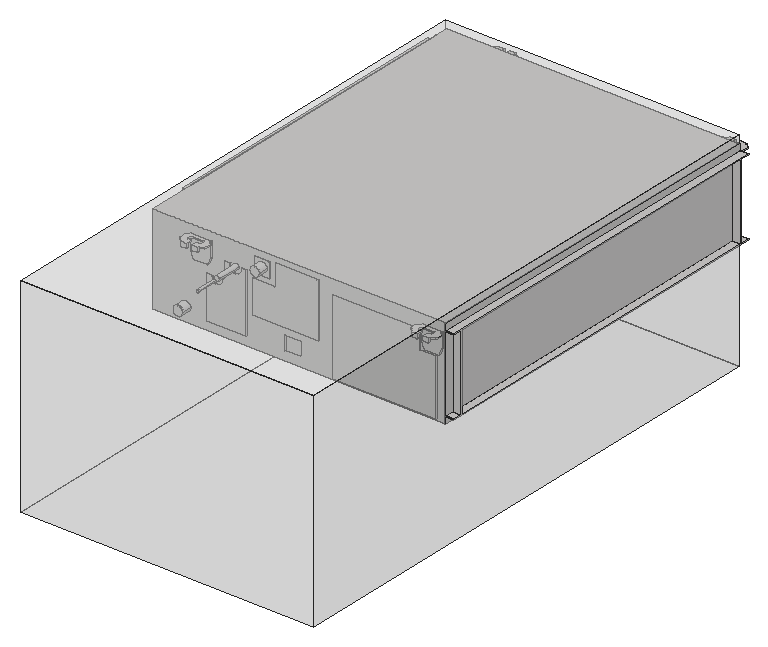
Revit family "outputfile", category 機械設備, Revit 2024
Family settings
  丸型コネクタ寸法 = 半径を使用
  パーツ タイプ = 標準
  OmniClass 番号 = 23.75.10.24.21.27.27
  OmniClass タイトル = Split System Air Conditioning Units
  作業面ベース = いいえ
  常に垂直 = はい
  ロード時にボイドで切り取り = いいえ
  注釈の向きを維持 = いいえ
  共有 = いいえ
  部屋計算ポイント = はい
Parameters (values of type "FXSA63AVM")
  製造元 = "Daikin"
  書き出し IFC クラス(タイプ) = "IfcUnitaryEquipmentType"
  定義済み IFC タイプ(タイプ) = "AIRCONDITIONINGUNIT"
  モデル = "FXSA63AVM"
  switch_frequency = yes
  r_Liquid Pipe Size = Liquid Pipe Size / 2  # 3.2 mm
  r_Gas Pipe Size = Gas Pipe Size / 2  # 6.35 mm
  r_Drain Pipe Size = Drain Pipe Size / 2  # 12.5 mm
  lw_power = 770.0 mm
  lh_SA = 138.0 mm
  lw_SA = if(Width = 550.0 mm, 225.0 mm, if(Width = 700.0 mm, 300.0 mm, if(Width = 1000.0 mm, 450.0 mm, if(Width = 1400.0 mm, 650.0 mm, 725.0 mm))))  # 450.0 mm
  lw_RA = if(Width = 550.0 mm, 275.0 mm, if(Width = 700.0 mm, 349.0 mm, if(Width = 1000.0 mm, 499.0 mm, if(Width = 1400.0 mm, 699.0 mm, 775.0 mm))))  # 499.0 mm
  lh_power = 60.0 mm + [h***]  # 60.0 mm
  lh_mountinghole1 = lh_mountinghole + [h***]  # 222.0 mm
  lh_RA = 123.0 mm
  ld_power = Width / 2  # 500.0 mm
  connector_voltage = Voltage_50Hz  # 220 V
  connector_powerinput = [Power Input (Cooling)]  # 0.106 kW
  connector_phase = Phase_50Hz  # 1
  Voltage_comment_60Hz = "220-230"
  Voltage_comment_50Hz = "220-240"
  Voltage_60Hz = 220 V
  Voltage_50Hz = 220 V
  Total Heating Capacity [instance] = 0.000 kW
  Supply Air Direction [instance] = yes
  Sound Power Level_H speed (dB) = 64
  Power Input (Heating) = 0.101 kW
  Phase_60Hz = 1
  Phase_50Hz = 1
  Nominal Heating Capacity = 8.000 kW
  Minimum External Static Pressure = 50.00 Pa
  Minimum Circuit Amps_60Hz = 1.8 A
  Minimum Circuit Amps_50Hz = 1.8 A
  Maximum Fuse Amps_60Hz = 16.0 A
  Maximum Fuse Amps_50Hz = 16.0 A
  Maximum External Static Pressure = 150.00 Pa
  Material_Casing = DAIKIN_GalvanizedSteel_Casing_indoorunit
  lw_mountinghole = 630.0 mm
  lh_gaspipe = 183.0 mm + [h***]  # 183.0 mm
  lh_mountinghole = 222.0 mm
  lh_liquidpipe = 136.0 mm + [h***]  # 136.0 mm
  lh_drainpipe = 207.0 mm + [h***]  # 207.0 mm
  lh_antena = Height - lh_mountinghole + 1.0 mm  # 24.0 mm
  ld_drainpipe = Width / 2 + 26.0 mm  # 526.0 mm
  ld_liquidpipe = 569.0 mm
  ld_gaspipe = Width / 2 + 65.0 mm  # 565.0 mm
  ld_mountinghole = Width + 38.0 mm  # 1038.0 mm
  h*** = 0.0 mm
  lw_liquidpipe = 179.0 mm
  lw_gaspipe = 229.0 mm
  lw_drainpipe = 300.0 mm
  Width = 1000.0 mm
  Version = "ver.1.0"
  Unit Type = "Duct_M.S.P."
  Unit Mass Weight = 35.00 kg
  Unit Designation [instance] = ""
  Uniclass2015Version = "Products v1.30"
  Uniclass2015Title = "Variable refrigerant flow units"
  Uniclass2015Code = "Pr_70_65_03_94"
  Total Cooling Capacity [instance] = 0.000 kW
  Sound Pressure Level_M speed (dBA) = 32
  Sound Pressure Level_L speed (dBA) = 29
  Sound Pressure Level_H speed (dBA) = 36
  Series = "VRV Fan Coil Unit"
  Sensible Cooling Capacity [instance] = 0.000 kW
  SA Duct Size Width = 792.0 mm
  SA Duct Size Height = 176.0 mm
  Refrigerant Type = "R32"
  RA Duct Size Width = 952.0 mm
  RA Duct Size Height = 208.0 mm
  Power Input (Cooling) = 0.106 kW
  Option Accessory 3 [instance] = ""
  Option Accessory 2 [instance] = ""
  Option Accessory 1 [instance] = ""
  Nominal Cooling Capacity = 7.100 kW
  Minimum Airflow = 870.00 m³/h
  Median Airflow = 1050.00 m³/h
  Maximum Airflow = 1260.00 m³/h
  Load Classification = HVAC
  Liquid Pipe Size = 6.4 mm
  Link_Nested Family [instance] = ""
  IfcVersion = ""
  IfcExportType = "AIRCONDITIONINGUNIT"
  IfcExportAs = "IfcUnitaryEquipmentType"
  Height = 245.0 mm
  Heating Entering Wet Bulb Temperature [instance] = -273.15 °C
  Heating Entering Dry Bulb Temperature [instance] = -273.15 °C
  Heating Ambient Wet Bulb Temperature [instance] = -273.15 °C
  Heating Ambient Dry Bulb Temperature [instance] = -273.15 °C
  Heat Exchanger Type = "Cross Fin Coil"
  Gas Pipe Size = 12.7 mm
  Frequency_60Hz = 60 Hz
  Frequency_50Hz = 50 Hz
  Fan Type = "Sirocco Fan"
  Fan Drive = "Direct Drive"
  FCU Tag No. [instance] = ""
  Drain Pipe Size = 25.0 mm
  Design Supply Airflow [instance] = 0.00 m³/h
  Design Return Airflow [instance] = 0.00 m³/h
  Design External Static Pressure [instance] = 0.00 Pa
  Depth = 800.0 mm
  既定の高さ = 0.0 mm
  Cooling Entering Wet Bulb Temperature [instance] = 0.00 °C
  Cooling Entering Dry Bulb Temperature [instance] = 0.00 °C
  Cooling Ambient Wet Bulb Temperature [instance] = 0.00 °C
  Cooling Ambient Dry Bulb Temperature [instance] = 0.00 °C
  Clearance visibility [instance] = yes
  Clearance Top = 20.0 mm
  Clearance Right = 0.0 mm
  Clearance Rear = 0.0 mm
  Clearance Left = 0.0 mm
  Clearance Front = 450.0 mm
  Clearance Bottom = 300.0 mm
Reference planes
  plane 1 "Center (Front/Back)": y = 0
  plane 2 "h": z = 0
  plane 3 "Center (Left/Right)": x = 0
  plane 4 "Back": y = 500
  plane 5 "Front": y = -500
  plane 6 "Left": x = -400
  plane 7 "Right": x = 400
  plane 8 "Top": z = 0
  plane 9 "Bottom": z = -245
  plane 10: y = -215
  plane 11: y = 500
  plane 12: y = -950
  plane 13: x = -400
  plane 14: x = 400
  plane 15: z = 20
  plane 16: z = -545
  plane 17: x = -400
  plane 18: x = -399
  plane 19: x = 399
  plane 20: y = 50
  plane 21: y = -1
  plane 22: z = -122
  plane 23: y = -501
  plane 24: z = -109
  plane 25: x = -221
  plane 26: y = -565
  plane 27: z = -62
  plane 28: x = -171
  plane 29: y = -526
  plane 30: z = -38
  plane 31: x = -100
  plane 32: x = -100
  plane 33: x = -221
  plane 34: x = -171
  plane 35: x = 370
  plane 36: x = -266
  plane 37: x = 364
  plane 38: y = -519
  plane 39: y = 519
  plane 40: z = -23
  plane 41: z = -107
  plane 42: y = -569
  plane 43: z = -207
  plane 44: x = -309
  plane 45: y = -376
  plane 46: x = -251
  plane 47: x = -203
  plane 48: x = -144
  plane 49: z = -59
  plane 50: z = -106
  plane 51: z = -221
  plane 52: z = -109
  plane 53: x = -221
  plane 54: z = -62
  plane 55: x = -171
  plane 56: z = -17
  plane 57: z = -59
  plane 58: x = -121
  plane 59: x = -79
  plane 60: x = -125
  plane 61: x = -64
  plane 62: x = 53
  plane 63: z = -164
  plane 64: z = -73
  plane 65: z = -16
  plane 66: x = 93.5
  plane 67: x = 374.5
  plane 68: x = 330
  plane 69: z = -88.5
  plane 70: z = -38
  plane 71: z = -242.5
  plane 72: x = -38.5
  plane 73: x = 6.5
  plane 74: z = -181
  plane 75: z = -221
  plane 76: y = -499
  plane 77: x = -424
  plane 78: x = 424
Forms (mm)
  Extrusion 1, solid, material "DAIKIN_GalvanizedSteel_Casing_indoorunit" <- "Material_Casing"
    sketch origin (0, 0, 0) x (1, 0, 0) y (0, 1, 0)
      loop
        line (-399, 500) -> (-399, -500) -> (399, -500) -> (399, 500) -> (-399, 500)
    from -245 to 0
  Extrusion 2, solid, material "DAIKIN_GalvanizedSteel_Casing_indoorunit" <- "Material_Casing"
    sketch origin (0, 0, 0) x (1, 0, 0) y (0, 0, 1)
      loop
        line (-251, -221) -> (-144, -221) -> (-144, -59) -> (-154.47, -59)
        arc (-154.47, -59) -> (-171, -78.8) -> (-187.53, -59) r 16.8
        line (-187.53, -59) -> (-203, -59) -> (-203, -106) -> (-206.916, -106)
        arc (-206.916, -106) -> (-221, -123.4) -> (-235.084, -106) r 14.4
        line (-235.084, -106) -> (-251, -106) -> (-251, -221)
    from 500 to 501
  Extrusion 3, solid, material "DAIKIN_GalvanizedSteel_Casing_indoorunit" <- "Material_Casing"
    sketch origin (0, 0, 0) x (1, 0, 0) y (0, 0, 1)
      loop
        line (-121, -17) -> (-121, -59) -> (-79, -59) -> (-79, -17) -> (-121, -17)
      loop
        line (-125, -73) -> (-125, -164) -> (53, -164) -> (53, -16) -> (-64, -16) -> (-64, -73) -> (-125, -73)
    from 500 to 501
  Extrusion 4, solid, material "DAIKIN_GalvanizedSteel_Casing_indoorunit" <- "Material_Casing"
    sketch origin (0, 0, 0) x (1, 0, 0) y (0, 0, 1)
      loop
        line (93.5, -38) -> (93.5, -242.5) -> (374.5, -242.5) -> (374.5, -88.5) -> (330, -88.5) -> (330, -38) -> (93.5, -38)
    from 500 to 501
  Extrusion 5, solid, material "DAIKIN_GalvanizedSteel_Casing_indoorunit" <- "Material_Casing"
    sketch origin (0, 0, 0) x (1, 0, 0) y (0, 0, 1)
      loop
        circle (-221, -109) r 3.2
    from 500 to 569
  Extrusion 6, solid, material "DAIKIN_GalvanizedSteel_Casing_indoorunit" <- "Material_Casing"
    sketch origin (0, 0, 0) x (1, 0, 0) y (0, 0, 1)
      loop
        circle (-171, -62) r 6.35
    from 500 to 565
  Extrusion 7, solid, material "DAIKIN_GalvanizedSteel_Casing_indoorunit" <- "Material_Casing"
    sketch origin (0, 0, 0) x (1, 0, 0) y (0, 0, 1)
      loop
        circle (-100, -38) r 12.5
    from 501 to 526
  Extrusion 8, solid, material "DAIKIN_GalvanizedSteel_Casing_indoorunit" <- "Material_Casing"
    sketch origin (0, 0, 0) x (1, 0, 0) y (0, 0, 1)
      loop
        circle (-309, -207) r 13
    from 500 to 526
  Extrusion 9, void
    sketch origin (0, 0, 0) x (1, 0, 0) y (0, 0, 1)
      loop
        line (-38.5, -181) -> (-38.5, -221) -> (6.5, -221) -> (6.5, -181) -> (-38.5, -181)
    from 499 to 500
Cuts and joins
  Extrusion 9 cuts Extrusion 1
Dimensions and locks
  "Height": plane 8 "Top" to plane 9 "Bottom"
  equal spacing: plane 4 "Back", plane 1 "Center (Front/Back)", plane 5 "Front"
  "Width": plane 4 "Back" to plane 5 "Front"
  equal spacing: plane 6 "Left", plane 3 "Center (Left/Right)", plane 7 "Right"
  "Depth": plane 6 "Left" to plane 7 "Right"
  "Clearance Left": plane 13 to plane 6 "Left"
  "Clearance Right": plane 7 "Right" to plane 14
  "Clearance Rear": plane 11 to plane 4 "Back"
  "Clearance Front": plane 5 "Front" to plane 12
  "Clearance Top": plane 15 to plane 8 "Top"
  "Clearance Bottom": plane 9 "Bottom" to plane 16
  locked: plane 17 to plane 18 at 1
  locked: plane 19 to plane 14 at 1
  "lw_SA": plane 11 to plane 20
  "lw_RA": plane 21 to plane 5 "Front"
  "lh_RA": plane 22 to plane 9 "Bottom"
  locked: plane 5 "Front" to plane 23 at 1
  "lw_liquidpipe": plane 25 to plane 6 "Left"
  "lh_liquidpipe": plane 24 to plane 9 "Bottom"
  "lh_gaspipe": plane 27 to plane 9 "Bottom"
  "lw_gaspipe": plane 28 to plane 6 "Left"
  "ld_gaspipe": plane 26 to plane 1 "Center (Front/Back)"
  "ld_drainpipe": plane 29 to plane 1 "Center (Front/Back)"
  "lh_drainpipe": plane 30 to plane 9 "Bottom"
  "lw_drainpipe": plane 31 to plane 6 "Left"
  "lw_drainpipe": plane 6 "Left" to plane 32
  "lw_liquidpipe": plane 6 "Left" to plane 33
  "lw_gaspipe": plane 6 "Left" to plane 34
  "lw_power": plane 6 "Left" to plane 35
  locked: plane 17 to plane 36 at 134
  "lw_mountinghole": plane 36 to plane 37
  equal spacing: plane 38, plane 1 "Center (Front/Back)", plane 39
  "ld_mountinghole": plane 39 to plane 38
  "lh_mountinghole": plane 40 to plane 9 "Bottom"
  "lh_SA": plane 41 to plane 9 "Bottom"
  locked: plane 44 to plane 6 "Left" at 91
  locked: plane 43 to plane 9 "Bottom" at 38
  plane 48 to plane 47 to plane 46 to plane 6 "Left" = 59.0 mm, 48.0 mm, 149.0 mm
  plane 8 "Top" to plane 49 to plane 50 to plane 51 = 59.0 mm locked, 47.0 mm locked, 115.0 mm locked
  plane 55 to plane 53 to plane 6 "Left" = 50.0 mm locked, 179.0 mm locked
  plane 54 to plane 52 to plane 9 "Bottom" = 47.0 mm locked, 136.0 mm locked
  plane 59 to plane 58 to plane 6 "Left" = 42.0 mm locked, 279.0 mm locked
  plane 8 "Top" to plane 56 to plane 57 = 17.0 mm locked, 42.0 mm locked
  plane 62 to plane 61 to plane 60 to plane 6 "Left" = 117.0 mm, 61.0 mm, 275.0 mm
  plane 8 "Top" to plane 65 to plane 64 = 16.0 mm locked, 57.0 mm locked
  locked: plane 65 to plane 63 at 148
  plane 8 "Top" to plane 70 to plane 69 to plane 71 = 38.0 mm locked, 50.5 mm locked, 154.0 mm locked
  plane 67 to plane 68 to plane 66 to plane 6 "Left" = 44.5 mm locked, 236.5 mm locked, 493.5 mm locked
  plane 8 "Top" to plane 74 to plane 75 = 181.0 mm locked, 40.0 mm locked
  plane 73 to plane 72 to plane 6 "Left" = 45.0 mm, 361.5 mm
  locked: plane 76 to plane 5 "Front" at 1
  locked: plane 77 to plane 17 at 24
  locked: plane 14 to plane 78 at 24
  "ld_liquidpipe": plane 42 to plane 1 "Center (Front/Back)"
  "r_Liquid Pipe Size": radius of Extrusion 5 sketch curve
  "r_Gas Pipe Size": radius of Extrusion 6 sketch curve
  "r_Drain Pipe Size": radius of Extrusion 7 sketch curve
  aligned and locked: level to plane 2 "h"
  aligned and locked: plane 8 "Top" to Extrusion 1
  aligned and locked: Extrusion 1 to plane 9 "Bottom"
  aligned and locked: nested 5 to plane 12
  aligned and locked: plane 13 to nested 5
  aligned and locked: plane 14 to nested 5
  aligned and locked: nested 5 to plane 13
  aligned and locked: plane 11 to nested 5
  aligned and locked: plane 15 to nested 5
  aligned and locked: plane 16 to nested 5
  aligned and locked: plane 5 "Front" to Extrusion 1 sketch curve
  aligned and locked: Extrusion 1 to plane 18
  aligned and locked: plane 19 to Extrusion 1
  aligned and locked: nested 7 to plane 18
  aligned and locked: nested 7 to plane 20
  aligned and locked: plane 19 to nested 8
  aligned and locked: plane 21 to nested 8
  aligned and locked: plane 22 to nested 8
  aligned and locked: Extrusion 2 to plane 23
  aligned and locked: plane 5 "Front" to Extrusion 2
  aligned and locked: Extrusion 3 to plane 23
  aligned and locked: plane 5 "Front" to Extrusion 3
  aligned and locked: plane 5 "Front" to Extrusion 4
  aligned and locked: Extrusion 5 sketch curve to plane 25
  aligned and locked: plane 24 to Extrusion 5 sketch curve
  aligned and locked: plane 5 "Front" to Extrusion 5
  aligned and locked: Extrusion 6 sketch curve to plane 28
  aligned and locked: plane 27 to Extrusion 6 sketch curve
  aligned and locked: plane 5 "Front" to Extrusion 6
  aligned and locked: Extrusion 7 sketch curve to plane 31
  aligned and locked: Extrusion 7 sketch curve to plane 30
  aligned and locked: Extrusion 7 to plane 29
  aligned and locked: plane 23 to Extrusion 7
  aligned and locked: nested 3 to plane 29
  aligned and locked: plane 32 to nested 3
  aligned and locked: nested 2 to plane 33
  aligned and locked: nested 1 to plane 34
  aligned and locked: Extrusion 6 to plane 26
  aligned and locked: nested 1 to plane 26
  aligned and locked: nested 6 to plane 5 "Front"
  aligned and locked: nested 6 to plane 35
  aligned and locked: plane 36 to nested 10
  aligned and locked: nested 10 to plane 5 "Front"
  aligned and locked: plane 37 to nested 9
  aligned and locked: nested 9 to plane 5 "Front"
  aligned and locked: nested 11 to plane 36
  aligned and locked: plane 4 "Back" to nested 11
  aligned and locked: nested 12 to plane 37
  aligned and locked: plane 4 "Back" to nested 12
  aligned and locked: plane 40 to nested 10
  aligned and locked: plane 40 to nested 11
  aligned and locked: plane 40 to nested 9
  aligned and locked: plane 40 to nested 12
  aligned and locked: plane 36 to nested 14
  aligned and locked: nested 14 to plane 39
  aligned and locked: plane 37 to nested 13
  aligned and locked: nested 13 to plane 39
  aligned and locked: plane 37 to nested 16
  aligned and locked: plane 38 to nested 16
  aligned and locked: plane 38 to nested 15
  aligned and locked: plane 36 to nested 15
  aligned and locked: plane 17 to plane 6 "Left"
  aligned and locked: plane 41 to nested 7
  aligned and locked: Extrusion 5 to plane 42
  aligned and locked: nested 2 to plane 42
  aligned and locked: Extrusion 8 sketch curve to plane 44
  aligned and locked: plane 43 to Extrusion 8 sketch curve
  aligned and locked: plane 5 "Front" to Extrusion 8
  aligned and locked: Extrusion 3 sketch curve to plane 56
  aligned and locked: Extrusion 3 sketch curve to plane 58
  aligned and locked: plane 57 to Extrusion 3 sketch curve
  aligned and locked: plane 59 to Extrusion 3 sketch curve
  aligned and locked: Extrusion 4 to plane 23
  aligned and locked: Extrusion 9 sketch curve to plane 74
  aligned and locked: plane 75 to Extrusion 9 sketch curve
  aligned and locked: plane 73 to Extrusion 9 sketch curve
  aligned and locked: plane 5 "Front" to Extrusion 9
  aligned and locked: plane 76 to Extrusion 9
  aligned and locked: nested 17 to plane 20
  aligned and locked: nested 17 to plane 77
  aligned and locked: plane 21 to nested 18
  aligned and locked: plane 78 to nested 18
  aligned and locked: plane 41 to nested 17
  aligned and locked: nested 18 to plane 22
  aligned and locked: nested 4 to plane 3 "Center (Left/Right)"
  aligned and locked: plane 1 "Center (Front/Back)" to nested 4
  aligned and locked: level to plane 8 "Top"
  aligned and locked: Extrusion 8 to plane 29
Automatic sketch dimensions
  plane 6 "Left" to Extrusion 1 sketch curve = 1.0 mm
  Extrusion 1 sketch curve to plane 7 "Right" = 1.0 mm
  Extrusion 1 sketch curve to plane 4 "Back" = 0.0 mm
  Extrusion 2 sketch curve to plane 46 = 0.0 mm
  Extrusion 2 sketch curve to plane 33 = 0.0 mm
  Extrusion 2 sketch curve to plane 47 = 0.0 mm
  Extrusion 2 sketch curve to plane 34 = 0.0 mm
  Extrusion 2 sketch curve to plane 48 = 0.0 mm
  Extrusion 2 sketch curve to plane 51 = 0.0 mm
  Extrusion 2 sketch curve to plane 52 = 0.0 mm
  Extrusion 2 sketch curve to plane 50 = 0.0 mm  (x3)
  Extrusion 2 sketch curve to plane 54 = 0.0 mm
  Extrusion 2 sketch curve to plane 49 = 0.0 mm  (x3)
  plane 33 to Extrusion 2 sketch curve = 14.084 mm
  plane 34 to Extrusion 2 sketch curve = 16.53 mm
  Extrusion 3 sketch curve to plane 60 = 0.0 mm
  Extrusion 3 sketch curve to plane 61 = 0.0 mm
  Extrusion 3 sketch curve to plane 62 = 0.0 mm
  Extrusion 3 sketch curve to plane 63 = 0.0 mm
  Extrusion 3 sketch curve to plane 64 = 0.0 mm
  Extrusion 3 sketch curve to plane 65 = 0.0 mm
  Extrusion 4 sketch curve to plane 66 = 0.0 mm
  Extrusion 4 sketch curve to plane 68 = 0.0 mm
  Extrusion 4 sketch curve to plane 67 = 0.0 mm
  Extrusion 4 sketch curve to plane 71 = 0.0 mm
  Extrusion 4 sketch curve to plane 69 = 0.0 mm
  Extrusion 4 sketch curve to plane 70 = 0.0 mm
  Extrusion 9 sketch curve to plane 72 = 0.0 mm
  radius of Extrusion 8 sketch curve = 13.0 mm
Nested families
  nested 1: "daikin_connector_rotate2" at (-171, 0, -62), length <- "ld_gaspipe", built-in parameter 1001364 <- "lh_gaspipe", radius <- "r_Gas Pipe Size", type "daikin_connector_rotate2"
    with radius 6.35 mm, length 565.0 mm, angle_vertical 90.00°
  nested 2: "daikin_connector_rotate2" at (-221, 0, -109), length <- "ld_liquidpipe", built-in parameter 1001364 <- "lh_liquidpipe", radius <- "r_Liquid Pipe Size", type "daikin_connector_rotate2"
    with radius 3.2 mm, length 569.0 mm, angle_vertical 90.00°
  nested 3: "daikin_connector_rotate2" at (-100, 0, -38), length <- "ld_drainpipe", built-in parameter 1001364 <- "lh_drainpipe", radius <- "r_Drain Pipe Size", type "daikin_connector_rotate2"
    with radius 12.5 mm, length 526.0 mm, angle_vertical 90.00°
  nested 4: "daikin_△_symbolicline" at (0, 0, 245) x (0, -1, 0) z (0, 0, 1), built-in parameter 1001364 <- "Height", visible <- "Supply Air Direction", type "daikin_△_symbolicline"
    with length 200.0 mm
  nested 5: "daikin_clearancespace" at (0, -225, -262.381), visible <- "Clearance visibility", show <- "Clearance visibility", Link_Nested Family <- "Link_Nested Family", type "daikin_clearancespace"
    with width 800.0 mm, show yes, height 565.0 mm, depth 1450.0 mm, Link_Nested Family ""
  nested 6: "daikin_connector_rotate2" at (370, 0, -185), built-in parameter 1001364 <- "lh_power", length <- "ld_power", type "daikin_connector_rotate2"
    with radius 10.0 mm, length 500.0 mm, angle_vertical 90.00°
  nested 7: "daikin_ductflange_FXSA-AVM2" at (-399, 50, -107) x (0, -1, 0) z (0, 0, 1), type "daikin_ductflange_FXSA-AVM2"
    with width 792.0 mm, w 1000.0 mm
  nested 8: "daikin_ductflange_FXSA-AVM" at (399, -1, -122) x (0, 1, 0) z (0, 0, 1), type "daikin_ductflange_FXSA-AVM"
    with width 952.0 mm, lw 25.0 mm, w 1000.0 mm
  nested 9: "FXFSA-AVM" at (364, -500, -23), type "daikin_hangerfixture_FXFSA-AVM"
  nested 10: "FXFSA-AVM" at (-266, -500, -23), type "daikin_hangerfixture_FXFSA-AVM"
  nested 11: "FXFSA-AVM" at (-266, 500, -23) x (-1, 0, 0) z (0, 0, 1), type "daikin_hangerfixture_FXFSA-AVM"
  nested 12: "FXFSA-AVM" at (364, 500, -23) x (-1, 0, 0) z (0, 0, 1), type "daikin_hangerfixture_FXFSA-AVM"
  nested 13: "daikin_mountinghole" at (364, 519, -245), h_mountinghole <- "lh_mountinghole1", l_antenna <- "lh_antena", Link_Nested Family <- "Link_Nested Family", type "daikin_mountinghole"
    with show yes, l_antenna 24.0 mm, h_mountinghole 222.0 mm, Link_Nested Family ""
  nested 14: "daikin_mountinghole" at (-266, 519, -245), h_mountinghole <- "lh_mountinghole1", l_antenna <- "lh_antena", Link_Nested Family <- "Link_Nested Family", type "daikin_mountinghole"
    with show yes, l_antenna 24.0 mm, h_mountinghole 222.0 mm, Link_Nested Family ""
  nested 15: "daikin_mountinghole" at (-266, -519, -245), h_mountinghole <- "lh_mountinghole1", l_antenna <- "lh_antena", Link_Nested Family <- "Link_Nested Family", type "daikin_mountinghole"
    with show yes, l_antenna 24.0 mm, h_mountinghole 222.0 mm, Link_Nested Family ""
  nested 16: "daikin_mountinghole" at (364, -519, -245), h_mountinghole <- "lh_mountinghole1", l_antenna <- "lh_antena", Link_Nested Family <- "Link_Nested Family", type "daikin_mountinghole"
    with show yes, l_antenna 24.0 mm, h_mountinghole 222.0 mm, Link_Nested Family ""
  nested 17: "daikin_connector_rotate2" at (-400, 50, -107) x (0, -1, 0) z (0, 0, 1), type "daikin_connector_rotate2"
    with radius 10.0 mm, length 24.0 mm, angle_vertical 90.00°
  nested 18: "daikin_connector_rotate2" at (400, -1, -122) x (0, 1, 0) z (0, 0, 1), type "daikin_connector_rotate2"
    with radius 10.0 mm, length 24.0 mm, angle_vertical 90.00°
Connectors
  piping at (-100, -526, -38), diameter 25, driven by "r_Drain Pipe Size"
    settings: on nested 3, index 3, connector inside diameter 609.6 mm, connector length 0.0 mm, flow factor 0, pipe flow 0.00 m³/h, pressure drop 0.0 Pa, fitting loss kfactor 0, connector angle 0.00°, fixture units 0, engagement length 0.0 mm, angle of deflection 0.00°, flow configuration 1, flow direction 2, fitting loss method 4, system type 16, joint type 0, gender type 0, connector reference index -1, connector utility 0, adjustable connector no, is connector primary yes, connector description "Condensate Drain Piping"
  piping at (-171, -565, -62), diameter 12.7, driven by "r_Gas Pipe Size"
    settings: on nested 1, index 4, connector inside diameter 609.6 mm, connector length 0.0 mm, flow factor 0, pipe flow 0.00 m³/h, pressure drop 0.0 Pa, fitting loss kfactor 0, connector angle 0.00°, fixture units 0, engagement length 0.0 mm, angle of deflection 0.00°, flow configuration 1, flow direction 2, fitting loss method 0, system type 29, joint type 0, gender type 0, connector reference index -1, connector utility 0, adjustable connector no, is connector primary no, connector description "Refrigerant Gas Piping"
  piping at (-221, -569, -109), diameter 6.4, driven by "r_Liquid Pipe Size"
    settings: on nested 2, index 5, connector inside diameter 609.6 mm, connector length 0.0 mm, flow factor 0, pipe flow 0.00 m³/h, pressure drop 0.0 Pa, fitting loss kfactor 0, connector angle 0.00°, fixture units 0, engagement length 0.0 mm, angle of deflection 0.00°, flow configuration 1, flow direction 1, fitting loss method 0, system type 29, joint type 0, gender type 0, connector reference index -1, connector utility 0, adjustable connector no, is connector primary no, connector description "Refrigerant Liquid Piping"
  electrical at (370, -500, -185), driven by "Load Classification", driven by "connector_voltage", driven by "connector_phase", driven by "connector_powerinput"
    settings: on nested 6, index 6, voltage 220 V, apparent load 106 VA, apparent load phase1 0 VA, apparent load phase2 0 VA, apparent load phase3 0 VA, power factor 1, load classification "HVAC", number of poles 1, system type 30, power factor state 1, is connector primary yes, connector utility no, sub classification motor no, connector description "Power Supply"
  hvac at (-424, 50, -107), driven by "SA Duct Size Height", driven by "SA Duct Size Width"
    settings: on nested 17, index 7, duct flow 0.00 m³/h, flow factor 0, pres drop 0.00 Pa, loss coef 0, conn angle 0.00°, conn width 792.0 mm, conn height 176.0 mm, conn diameter 609.6 mm, duct sys type 1, conn prof type 1, flow config 0, flow direction 2, loss method 4, conn ref index -1, conn util no, is conn primary yes, conn desc "SA Duct"
  hvac at (424, -1, -122), driven by "RA Duct Size Height", driven by "RA Duct Size Width"
    settings: on nested 18, index 8, duct flow 0.00 m³/h, flow factor 0, pres drop 0.00 Pa, loss coef 0, conn angle 0.00°, conn width 952.0 mm, conn height 208.0 mm, conn diameter 609.6 mm, duct sys type 2, conn prof type 1, flow config 0, flow direction 1, loss method 4, conn ref index -1, conn util no, is conn primary no, conn desc "RA Duct"
Definition of nested family "daikin_clearancespace"
  Parameters (values of type "daikin_clearancespace")
    Description = "daikin_clearancespace"
    width [instance] = 1823.963 mm
    show [instance] = yes
    material = none
    height [instance] = 1359.762 mm
    depth [instance] = 880.0 mm
    Default Elevation = 0.0 mm
    Link_Nested Family [instance] = ""
  Reference planes
    plane 1 "Center (Front/Back)": y = 0
    plane 2 "Center (Elevation)": z = -0.119
    plane 3 "Center (Left/Right)": x = 0
    plane 4: y = 440
    plane 5: y = -440
    plane 6 "Right": x = 911.982
    plane 7 "Left": x = -911.982
    plane 8 "Top": z = 679.762
    plane 9 "Bottom": z = -680
  Forms (mm)
    Extrusion 1, solid, material <- "material", visible <- "show"
      sketch origin (0, 0, 0) x (1, 0, 0) y (0, 1, 0)
        loop
          line (-911.982, 440) -> (-911.982, -440) -> (911.982, -440) -> (911.982, 440) -> (-911.982, 440)
      from -680 to 679.762
  Lines and regions (mm)
    symbolic lines, visible <- "show"
      curve 1: line (911.982, 440, 0) -> (-911.982, 440, 0)
      curve 2: line (-911.982, 440, 0) -> (-911.982, -440, 0)
      curve 3: line (-911.982, -440, 0) -> (911.982, -440, 0)
      curve 4: line (911.982, -440, 0) -> (911.982, 440, 0)
      curve 5: line (911.982, 0, 679.762) -> (-911.982, 0, 679.762)
      curve 6: line (911.982, 0, -680) -> (911.982, 0, 679.762)
      curve 7: line (-911.982, 0, -680) -> (911.982, 0, -680)
      curve 8: line (-911.982, 0, 679.762) -> (-911.982, 0, -680)
      curve 9: line (0, 440, 679.762) -> (0, -440, 679.762)
      curve 10: line (0, -440, 679.762) -> (0, -440, -680)
      curve 11: line (0, 440, -680) -> (0, 440, 679.762)
      curve 12: line (0, -440, -680) -> (0, 440, -680)
  Dimensions and locks
    "width": plane 7 "Left" to plane 6 "Right"
    "depth": plane 4 to plane 5
    "height": plane 8 "Top" to plane 9 "Bottom"
    equal spacing: plane 7 "Left", plane 3 "Center (Left/Right)", plane 6 "Right"
    equal spacing: plane 4, plane 1 "Center (Front/Back)", plane 5
    equal spacing: plane 8 "Top", plane 2 "Center (Elevation)", plane 9 "Bottom"
    aligned and locked: level to plane 2 "Center (Elevation)"
    aligned and locked: Extrusion 1 sketch curve to plane 4
    aligned and locked: plane 7 "Left" to Extrusion 1 sketch curve
    aligned and locked: Extrusion 1 sketch curve to plane 5
    aligned and locked: Extrusion 1 sketch curve to plane 6 "Right"
    aligned and locked: plane 8 "Top" to Extrusion 1
    aligned and locked: curve 1 to Extrusion 1
    aligned and locked: curve 2 to Extrusion 1
    aligned and locked: curve 3 to Extrusion 1
    aligned and locked: curve 4 to Extrusion 1
    aligned and locked: curve 5 to Extrusion 1
    aligned and locked: curve 6 to Extrusion 1
    aligned and locked: curve 7 to Extrusion 1
    aligned and locked: curve 8 to Extrusion 1
    aligned and locked: curve 9 to Extrusion 1
    aligned and locked: curve 10 to Extrusion 1
    aligned and locked: curve 11 to Extrusion 1
    aligned and locked: curve 12 to Extrusion 1
    aligned and locked: Extrusion 1 to plane 9 "Bottom"
Definition of nested family "daikin_ductflange_FXSA-AVM2"
  Parameters (values of type "daikin_ductflange_FBA-BVMA2")
    width = if(w = 550.0 mm, 337.0 mm, if(w = 700.0 mm, 492.0 mm, if(w = 1000.0 mm, 792.0 mm, if(w = 1400.0 mm, 1192.0 mm, 1337.0 mm))))  # 492.0 mm
    w1 = if(w = 550.0 mm, 24.0 mm, if(w = 700.0 mm, 21.5 mm, if(w = 1000.0 mm, 21.5 mm, if(w = 1400.0 mm, 21.5 mm, 24.0 mm))))  # 21.5 mm
    material = none
    height = 215.0 mm
    depth = 1.0 mm
    w = 700.0 mm
    Default Elevation = 0.0 mm
  Reference planes
    plane 1 "Center (Front/Back)": y = 0
    plane 2: z = 0
    plane 3 "Center (Left/Right)": x = 0
    plane 4: z = 88
    plane 5: z = -88
    plane 6: y = -25
    plane 7: z = 106
    plane 8: z = 89
    plane 9: y = -1
    plane 10: x = -267.5
    plane 11: x = 267.5
    plane 12: z = -106
    plane 13: z = -89
    plane 14: y = -1
    plane 15: x = 246
    plane 16: x = -246
    plane 17: x = 247
    plane 18: z = 87
    plane 19: z = -87
    plane 20: x = -247
    plane 21: z = 87
    plane 22: z = -87
    plane 23: y = -1
  Forms (mm)
    Extrusion 1, solid, material <- "material"
      sketch origin (0, 0, 0) x (0, 1, 0) y (0, 0, 1)
        loop
          line (-25, 88) -> (0, 88) -> (0, 106) -> (-1, 106) -> (-1, 89) -> (-25, 89) -> (-25, 88)
      from -267.5 to 267.5
    Extrusion 2, solid, material <- "material"
      sketch origin (0, 0, 0) x (0, 1, 0) y (0, 0, 1)
        loop
          line (-25, -88) -> (-25, -89) -> (-1, -89) -> (-1, -106) -> (0, -106) -> (0, -88) -> (-25, -88)
      from -267.5 to 267.5
    Extrusion 3, solid, material <- "material"
      sketch origin (0, 0, 0) x (1, 0, 0) y (0, 0, 1)
        loop
          line (246, 88) -> (246, -88) -> (267.5, -88) -> (267.5, -87) -> (247, -87) -> (247, 87) -> (267.5, 87) -> (267.5, 88) -> (246, 88)
      from 0 to 25
    Extrusion 4, solid, material <- "material"
      sketch origin (0, 0, 0) x (1, 0, 0) y (0, 0, 1)
        loop
          line (-267.5, 88) -> (-267.5, 87) -> (-247, 87) -> (-247, -87) -> (-267.5, -87) -> (-267.5, -88) -> (-246, -88) -> (-246, 88) -> (-267.5, 88)
      from 0 to 25
    Extrusion 5, solid, material <- "material"
      sketch origin (0, 0, 0) x (1, 0, 0) y (0, 0, 1)
        loop
          line (-267.5, 88) -> (-267.5, -88) -> (-246, -88) -> (-246, 88) -> (-267.5, 88)
        loop
          line (267.5, 88) -> (246, 88) -> (246, -88) -> (267.5, -88) -> (267.5, 88)
      from 0 to 1
  Cuts and joins
    joined: Extrusion 1, Extrusion 2, Extrusion 3, Extrusion 4, Extrusion 5
  Dimensions and locks
    plane 4 to level to plane 5 = 88.0 mm, 88.0 mm
    locked: plane 6 to plane 1 "Center (Front/Back)" at 25
    locked: plane 9 to plane 1 "Center (Front/Back)" at 1
    locked: plane 8 to plane 4 at 1
    "w1": plane 16 to plane 10
    locked: plane 17 to plane 15 at 1
    locked: plane 4 to plane 18 at 1
    locked: plane 19 to plane 5 at 1
    "width": plane 15 to plane 16
    plane 4 to plane 5 = 176.0 mm
    locked: plane 16 to plane 20 at 1
    locked: plane 4 to plane 21 at 1
    locked: plane 22 to plane 5 at 1
    locked: plane 23 to plane 1 "Center (Front/Back)" at 1
    plane 4 to level to plane 5 = 88.0 mm locked, 88.0 mm locked
    locked: plane 5 to plane 13 at 1
    locked: plane 5 to plane 12 at 18
    locked: plane 7 to plane 4 at 18
    equal spacing: plane 15, plane 3 "Center (Left/Right)", plane 16
    "w1": plane 11 to plane 15
    plane 11 to plane 10 = 535.0 mm
    aligned and locked: level to plane 2
    aligned and locked: Extrusion 1 to plane 10
    aligned and locked: plane 11 to Extrusion 1
    aligned and locked: plane 5 to Extrusion 2
    aligned and locked: Extrusion 2 to plane 1 "Center (Front/Back)"
    aligned and locked: plane 15 to Extrusion 3 sketch curve
    aligned and locked: Extrusion 3 sketch curve to Extrusion 2  (x2)
    aligned and locked: Extrusion 3 sketch curve to plane 11
    aligned and locked: plane 6 to Extrusion 3
    aligned and locked: Extrusion 2 to plane 10
    aligned and locked: plane 11 to Extrusion 2
    aligned and locked: Extrusion 4 sketch curve to Extrusion 1  (x2)
    aligned and locked: plane 5 to Extrusion 4 sketch curve
    aligned and locked: Extrusion 4 sketch curve to plane 16
    aligned and locked: Extrusion 4 sketch curve to plane 22
    aligned and locked: plane 20 to Extrusion 4 sketch curve
    aligned and locked: plane 21 to Extrusion 4 sketch curve
    aligned and locked: Extrusion 4 to plane 1 "Center (Front/Back)"
    aligned and locked: plane 6 to Extrusion 4
    aligned and locked: Extrusion 5 sketch curve to Extrusion 1  (x4)
    aligned and locked: Extrusion 5 sketch curve to Extrusion 4  (x2)
    aligned and locked: Extrusion 5 sketch curve to Extrusion 3  (x2)
    aligned and locked: Extrusion 5 to plane 1 "Center (Front/Back)"
    aligned and locked: plane 23 to Extrusion 5
  Automatic sketch dimensions
    Extrusion 1 sketch curve to plane 6 = 0.0 mm
    Extrusion 1 sketch curve to plane 7 = 0.0 mm
    Extrusion 1 sketch curve to plane 9 = 0.0 mm
    Extrusion 1 sketch curve to plane 1 "Center (Front/Back)" = 0.0 mm
    Extrusion 1 sketch curve to plane 4 = 0.0 mm
    Extrusion 1 sketch curve to plane 8 = 0.0 mm
    Extrusion 2 sketch curve to plane 6 = 0.0 mm
    plane 12 to Extrusion 2 sketch curve = 0.0 mm
    Extrusion 2 sketch curve to plane 14 = 0.0 mm
    Extrusion 2 sketch curve to plane 1 "Center (Front/Back)" = 0.0 mm
    plane 13 to Extrusion 2 sketch curve = 0.0 mm
    Extrusion 2 sketch curve to plane 5 = 0.0 mm
    Extrusion 3 sketch curve to plane 17 = 0.0 mm
    Extrusion 3 sketch curve to plane 19 = 0.0 mm
    Extrusion 3 sketch curve to plane 18 = 0.0 mm
    Extrusion 3 sketch curve to plane 4 = 0.0 mm
    Extrusion 4 sketch curve to plane 10 = 0.0 mm
Definition of nested family "daikin_ductflange_FXSA-AVM"
  Parameters (values of type "daikin_ductflange_FBFC-DVMG")
    width = if(w = 550.0 mm, 502.0 mm, if(w = 700.0 mm, 654.0 mm, if(w = 1000.0 mm, 952.0 mm, if(w = 1400.0 mm, 1352.0 mm, 1502.0 mm))))  # 654.0 mm
    material = none
    lw = if(width = 654.0 mm, 23.0 mm, 25.0 mm)  # 23.0 mm
    height = 208.0 mm
    depth = 1.0 mm
    w = 700.0 mm
    Default Elevation = 0.0 mm
  Reference planes
    plane 1 "Center (Front/Back)": y = 0
    plane 2: z = 0
    plane 3 "Center (Left/Right)": x = 0
    plane 4: z = 104
    plane 5: z = -104
    plane 6: y = -25
    plane 7: z = 121
    plane 8: z = 105
    plane 9: y = -1
    plane 10: x = -350
    plane 11: x = 350
    plane 12: z = -122
    plane 13: z = -105
    plane 14: y = -1
    plane 15: x = 327
    plane 16: x = -327
    plane 17: x = 328
    plane 18: z = 103
    plane 19: z = -103
    plane 20: x = -328
    plane 21: z = 103
    plane 22: z = -103
    plane 23: y = -1
  Forms (mm)
    Extrusion 1, solid, material <- "material"
      sketch origin (0, 0, 0) x (0, 1, 0) y (0, 0, 1)
        loop
          line (-25, 104) -> (0, 104) -> (0, 121) -> (-1, 121) -> (-1, 105) -> (-25, 105) -> (-25, 104)
      from -350 to 350
    Extrusion 2, solid, material <- "material"
      sketch origin (0, 0, 0) x (0, 1, 0) y (0, 0, 1)
        loop
          line (-25, -104) -> (-25, -105) -> (-1, -105) -> (-1, -122) -> (0, -122) -> (0, -104) -> (-25, -104)
      from -350 to 350
    Extrusion 3, solid, material <- "material"
      sketch origin (0, 0, 0) x (1, 0, 0) y (0, 0, 1)
        loop
          line (327, 104) -> (327, -104) -> (350, -104) -> (350, -103) -> (328, -103) -> (328, 103) -> (350, 103) -> (350, 104) -> (327, 104)
      from 0 to 25
    Extrusion 4, solid, material <- "material"
      sketch origin (0, 0, 0) x (1, 0, 0) y (0, 0, 1)
        loop
          line (-350, 104) -> (-350, 103) -> (-328, 103) -> (-328, -103) -> (-350, -103) -> (-350, -104) -> (-327, -104) -> (-327, 104) -> (-350, 104)
      from 0 to 25
    Extrusion 5, solid, material <- "material"
      sketch origin (0, 0, 0) x (1, 0, 0) y (0, 0, 1)
        loop
          line (-350, 104) -> (-350, -104) -> (-327, -104) -> (-327, 104) -> (-350, 104)
        loop
          line (350, 104) -> (327, 104) -> (327, -104) -> (350, -104) -> (350, 104)
      from 0 to 1
  Cuts and joins
    joined: Extrusion 1, Extrusion 2, Extrusion 3, Extrusion 4, Extrusion 5
  Dimensions and locks
    plane 4 to level to plane 5 = 104.0 mm, 104.0 mm
    locked: plane 6 to plane 1 "Center (Front/Back)" at 25
    locked: plane 9 to plane 1 "Center (Front/Back)" at 1
    locked: plane 8 to plane 4 at 1
    "lw": plane 11 to plane 15
    "lw": plane 16 to plane 10
    locked: plane 17 to plane 15 at 1
    locked: plane 4 to plane 18 at 1
    locked: plane 19 to plane 5 at 1
    "width": plane 15 to plane 16
    equal spacing: plane 15, plane 3 "Center (Left/Right)", plane 16
    locked: plane 16 to plane 20 at 1
    locked: plane 4 to plane 21 at 1
    locked: plane 22 to plane 5 at 1
    locked: plane 23 to plane 1 "Center (Front/Back)" at 1
    locked: plane 7 to plane 4 at 17
    locked: plane 1 "Center (Front/Back)" to plane 14 at 1
    locked: plane 5 to plane 13 at 1
    "height": plane 4 to plane 5
    plane 11 to plane 10 = 700.0 mm
    locked: plane 12 to plane 13 at 17
    equal spacing: plane 4, level, plane 5
    aligned and locked: level to plane 2
    aligned and locked: Extrusion 1 to plane 10
    aligned and locked: plane 11 to Extrusion 1
    aligned and locked: plane 5 to Extrusion 2
    aligned and locked: Extrusion 2 to plane 1 "Center (Front/Back)"
    aligned and locked: plane 15 to Extrusion 3 sketch curve
    aligned and locked: Extrusion 3 sketch curve to Extrusion 2  (x2)
    aligned and locked: Extrusion 3 sketch curve to plane 11
    aligned and locked: plane 6 to Extrusion 3
    aligned and locked: Extrusion 2 to plane 10
    aligned and locked: plane 11 to Extrusion 2
    aligned and locked: Extrusion 4 sketch curve to Extrusion 1  (x2)
    aligned and locked: plane 5 to Extrusion 4 sketch curve
    aligned and locked: Extrusion 4 sketch curve to plane 16
    aligned and locked: Extrusion 4 sketch curve to plane 22
    aligned and locked: plane 20 to Extrusion 4 sketch curve
    aligned and locked: plane 21 to Extrusion 4 sketch curve
    aligned and locked: Extrusion 4 to plane 1 "Center (Front/Back)"
    aligned and locked: plane 6 to Extrusion 4
    aligned and locked: Extrusion 5 sketch curve to Extrusion 1  (x4)
    aligned and locked: Extrusion 5 sketch curve to Extrusion 4  (x2)
    aligned and locked: Extrusion 5 sketch curve to Extrusion 3  (x2)
    aligned and locked: Extrusion 5 to plane 1 "Center (Front/Back)"
    aligned and locked: plane 23 to Extrusion 5
  Automatic sketch dimensions
    Extrusion 1 sketch curve to plane 6 = 0.0 mm
    Extrusion 1 sketch curve to plane 7 = 0.0 mm
    Extrusion 1 sketch curve to plane 9 = 0.0 mm
    Extrusion 1 sketch curve to plane 1 "Center (Front/Back)" = 0.0 mm
    Extrusion 1 sketch curve to plane 4 = 0.0 mm
    Extrusion 1 sketch curve to plane 8 = 0.0 mm
    Extrusion 2 sketch curve to plane 6 = 0.0 mm
    plane 12 to Extrusion 2 sketch curve = 0.0 mm
    Extrusion 2 sketch curve to plane 14 = 0.0 mm
    Extrusion 2 sketch curve to plane 1 "Center (Front/Back)" = 0.0 mm
    plane 13 to Extrusion 2 sketch curve = 0.0 mm
    Extrusion 2 sketch curve to plane 5 = 0.0 mm
    Extrusion 3 sketch curve to plane 17 = 0.0 mm
    Extrusion 3 sketch curve to plane 19 = 0.0 mm
    Extrusion 3 sketch curve to plane 18 = 0.0 mm
    Extrusion 3 sketch curve to plane 4 = 0.0 mm
    Extrusion 4 sketch curve to plane 10 = 0.0 mm
Definition of nested family "FXFSA-AVM"
  Parameters (values of type "daikin_hangerfixture_FXMQ-PAVE")
    width = 72.0 mm
    material = none
    height = 60.0 mm
    depth = 41.0 mm
    Default Elevation = 0.0 mm
  Reference planes
    plane 1 "Center (Front/Back)": y = 0
    plane 2: z = 0
    plane 3 "Center (Left/Right)": x = 0
    plane 4: y = 417.146
    plane 5: y = -41
    plane 6: x = -36
    plane 7: x = 36
    plane 8: z = -2.3
    plane 9: z = -60
    plane 10: y = -2.3
    plane 11: z = -12
    plane 12: y = -38.7
  Forms (mm)
    Extrusion 1, solid, material <- "material"
      sketch origin (0, 0, 0) x (1, 0, 0) y (0, 1, 0)
        loop
          line (-28, 0) -> (-28, -5)
          arc (-28, -5) -> (-29.127, -8.162) -> (-32, -9.899) r 5
          arc (-32, -9.899) -> (-34.873, -11.636) -> (-36, -14.798) r 5
          line (-36, -14.798) -> (-36, -27.178)
          arc (-36, -27.178) -> (-35.429, -29.499) -> (-33.846, -31.289) r 5
          line (-33.846, -31.289) -> (-23, -38.798) -> (-23, -41.098) -> (-6.5, -41.098) -> (-6.5, -28.498)
          arc (-6.5, -28.498) -> (-7.379, -26.377) -> (-9.5, -25.498) r 3
          line (-9.5, -25.498) -> (-13.5, -25.498)
          arc (-13.5, -25.498) -> (-20, -18.998) -> (-13.5, -12.498) r 6.5
          line (-13.5, -12.498) -> (13.5, -12.498)
          arc (13.5, -12.498) -> (20, -18.998) -> (13.5, -25.498) r 6.5
          line (13.5, -25.498) -> (9.5, -25.498)
          arc (9.5, -25.498) -> (7.379, -26.377) -> (6.5, -28.498) r 3
          line (6.5, -28.498) -> (6.5, -41.098) -> (23, -41.098) -> (23, -38.798) -> (33.846, -31.289)
          arc (33.846, -31.289) -> (35.429, -29.499) -> (36, -27.178) r 5
          line (36, -27.178) -> (36, -14.596)
          arc (36, -14.596) -> (34.873, -11.434) -> (32, -9.697) r 5
          arc (32, -9.697) -> (29.127, -7.96) -> (28, -4.798) r 5
          line (28, -4.798) -> (28, 0) -> (-28, 0)
      from 0 to -2.3
    Extrusion 2, solid, material <- "material"
      sketch origin (0, 0, 0) x (1, 0, 0) y (0, 0, 1)
        loop
          line (28, -39.037) -> (28, 0) -> (-28, 0) -> (-28, -39.037)
          arc (-28, -39.037) -> (-27.91, -39.983) -> (-27.642, -40.894) r 5
          line (-27.642, -40.894) -> (-21.257, -56.857)
          arc (-21.257, -56.857) -> (-19.418, -59.14) -> (-16.615, -60) r 5
          line (-16.615, -60) -> (16.615, -60)
          arc (16.615, -60) -> (19.418, -59.14) -> (21.257, -56.857) r 5
          line (21.257, -56.857) -> (27.642, -40.894)
          arc (27.642, -40.894) -> (27.91, -39.983) -> (28, -39.037) r 5
      from 0 to 2.3
    Extrusion 3, solid, material <- "material"
      sketch origin (0, 0, 0) x (1, 0, 0) y (0, 0, 1)
        loop
          line (-23, 0) -> (-23, -9)
          arc (-23, -9) -> (-22.121, -11.121) -> (-20, -12) r 3
          line (-20, -12) -> (-9.5, -12)
          arc (-9.5, -12) -> (-7.379, -11.121) -> (-6.5, -9) r 3
          line (-6.5, -9) -> (-6.5, 0) -> (-23, 0)
        loop
          line (23, 0) -> (6.5, 0) -> (6.5, -9)
          arc (6.5, -9) -> (7.379, -11.121) -> (9.5, -12) r 3
          line (9.5, -12) -> (20, -12)
          arc (20, -12) -> (22.121, -11.121) -> (23, -9) r 3
          line (23, -9) -> (23, 0)
      from 38.8 to 41.098
  Cuts and joins
    joined: Extrusion 1, Extrusion 2, Extrusion 3
  Dimensions and locks
    plane 2 to plane 8 = 2.3 mm
    "height": plane 2 to plane 9
    locked: plane 10 to plane 1 "Center (Front/Back)" at 2.3
    locked: plane 2 to plane 11 at 12
    locked: plane 12 to plane 5 at 2.3
    aligned and locked: level to plane 2
    aligned and locked: Extrusion 1 to plane 8
    aligned and locked: plane 2 to Extrusion 1
    aligned and locked: plane 2 to Extrusion 2 sketch curve
    aligned and locked: Extrusion 2 to plane 10
    aligned and locked: Extrusion 2 to plane 1 "Center (Front/Back)"
    aligned and locked: Extrusion 3 sketch curve to cut or joined group of Extrusion 1, Extrusion 2, Extrusion 3  (x3)
    aligned and locked: cut or joined group of Extrusion 1, Extrusion 2, Extrusion 3 to Extrusion 3
  Automatic sketch dimensions
    Extrusion 2 sketch curve to plane 7 = 8.0 mm
    Extrusion 2 sketch curve to plane 8 = 36.737 mm
    plane 6 to Extrusion 2 sketch curve = 19.385 mm
    Extrusion 1 sketch curve to plane 6 = 0.0 mm
    plane 1 "Center (Front/Back)" to Extrusion 1 sketch curve = 0.0 mm
    Extrusion 1 sketch curve to plane 7 = 0.0 mm
    plane 6 to Extrusion 1 sketch curve = 2.154 mm
    plane 6 to Extrusion 1 sketch curve = 3.0 mm
    Extrusion 1 sketch curve to Extrusion 1 sketch curve = 5.0 mm  (x3)
    Extrusion 1 sketch curve to plane 12 = 0.098 mm  (x2)
    Extrusion 1 sketch curve to Extrusion 1 sketch curve = 4.0 mm  (x2)
    Extrusion 1 sketch curve to plane 5 = 0.098 mm  (x2)
    Extrusion 1 sketch curve to plane 3 "Center (Left/Right)" = 6.5 mm
    plane 3 "Center (Left/Right)" to Extrusion 1 sketch curve = 6.5 mm
    Extrusion 1 sketch curve to Extrusion 1 sketch curve = 3.0 mm
    Extrusion 1 sketch curve to plane 7 = 8.0 mm
    Extrusion 1 sketch curve to plane 7 = 5.0 mm
    Extrusion 1 sketch curve to plane 7 = 3.0 mm
    Extrusion 1 sketch curve to plane 7 = 2.154 mm
    plane 12 to Extrusion 1 sketch curve = 7.411 mm  (x2)
    plane 12 to Extrusion 1 sketch curve = 10.202 mm  (x2)
    Extrusion 1 sketch curve to Extrusion 1 sketch curve = 6.5 mm  (x2)
    Extrusion 1 sketch curve to Extrusion 1 sketch curve = 12.38 mm
    Extrusion 1 sketch curve to plane 10 = 12.296 mm
    Extrusion 1 sketch curve to plane 10 = 2.7 mm
    Extrusion 1 sketch curve to plane 10 = 2.498 mm
    plane 6 to Extrusion 1 sketch curve = 4.0 mm
    Extrusion 1 sketch curve to Extrusion 1 sketch curve = 0.0 mm  (x2)
    Extrusion 1 sketch curve to plane 7 = 4.0 mm
    Extrusion 1 sketch curve to Extrusion 1 sketch curve = 4.111 mm
    Extrusion 3 sketch curve to level = 0.0 mm  (x2)
    Extrusion 3 sketch curve to plane 11 = 0.0 mm  (x2)
    plane 11 to Extrusion 3 sketch curve = 3.0 mm  (x2)
    plane 3 "Center (Left/Right)" to Extrusion 3 sketch curve = 6.5 mm
    Extrusion 3 sketch curve to Extrusion 3 sketch curve = 3.0 mm  (x2)
    Extrusion 2 sketch curve to plane 9 = 0.0 mm
    Extrusion 2 sketch curve to Extrusion 2 sketch curve = 11.385 mm
    plane 6 to Extrusion 2 sketch curve = 8.0 mm
    plane 9 to Extrusion 2 sketch curve = 20.963 mm
    Extrusion 2 sketch curve to Extrusion 2 sketch curve = 5.0 mm  (x2)
    plane 9 to Extrusion 2 sketch curve = 3.143 mm  (x3)
    Extrusion 2 sketch curve to Extrusion 2 sketch curve = 4.642 mm  (x2)
    Extrusion 2 sketch curve to Extrusion 2 sketch curve = 0.0 mm  (x2)
    Extrusion 2 sketch curve to Extrusion 2 sketch curve = 0.358 mm
    Extrusion 2 sketch curve to Extrusion 2 sketch curve = 1.857 mm  (x2)
Definition of nested family "daikin_connector_rotate2"
  Parameters (values of type "daikin_connector_rotate2")
    Default Elevation = 1219.2 mm
    show_face = no
    radius [instance] = 10.0 mm
    length [instance] = 600.0 mm
    d_surface = 10.0 mm
    angle_vertical [instance] = 90.00°
  Reference planes
    plane 1 "Center (Front/Back)": y = 0
    plane 2: z = 0
    plane 3 "Center (Left/Right)": x = 0
  Forms (mm)
    Extrusion 1, solid, visible <- "show_face"
      sketch origin (0, -600, 0) x (1, 0, 0) y (0, 0, 1)
        loop
          circle (0, 0) r 10
      from 0 to -10
  Lines and regions (mm)
    reference lines
      curve 1: line (0, 0, 0) -> (0, -600, 0)
    symbolic lines
      curve 2: circle (0, 0, 0) r 5 normal (0, 0, 1)
    model lines, visible <- "show_face"
      curve 3: line (0, 0, 0) -> (0, -600, 0)
  Dimensions and locks
    "length": curve 1 to curve 1
    "length": curve 3 to curve 3
    "d_surface": Extrusion 1 to Extrusion 1
    "radius": radius of Extrusion 1 sketch curve
    "angle_vertical": angle curve 1 to plane 1 "Center (Front/Back)"
    "angle_vertical": angle curve 3 to plane 1 "Center (Front/Back)"
    aligned and locked: level to plane 2
    aligned and locked: plane 1 "Center (Front/Back)" to curve 1
    aligned and locked: plane 2 to curve 1
    aligned and locked: plane 1 "Center (Front/Back)" to curve 2
    aligned and locked: plane 3 "Center (Left/Right)" to curve 2
    aligned and locked: plane 1 "Center (Front/Back)" to curve 3
    aligned and locked: plane 2 to curve 3
    aligned and locked: Extrusion 1 to Extrusion 1
  Automatic sketch dimensions
    Extrusion 1 sketch curve to level = 0.0 mm
    Extrusion 1 sketch curve to plane 3 "Center (Left/Right)" = 0.0 mm
    radius of curve 2 = 5.0 mm
Definition of nested family "daikin_△_symbolicline"
  Parameters (values of type "daikin_△_symbolicline")
    length [instance] = 200.0 mm
    Default Elevation = 0.0 mm
  Reference planes
    plane 1 "Center (Front/Back)": y = 0
    plane 2: z = 0
    plane 3 "Center (Left/Right)": x = 0
  Lines and regions (mm)
    symbolic lines
      curve 1: line (0, -173.205, 0) -> (100, 0, 0)
      curve 2: line (100, 0, 0) -> (-100, 0, 0)
      curve 3: line (-100, 0, 0) -> (0, -173.205, 0)
  Dimensions and locks
    equal spacing: curve 3, plane 3 "Center (Left/Right)", curve 2
    "length": curve 3 to curve 2
    "length": curve 3 to curve 3
    "length": curve 1 to curve 1
    aligned and locked: level to plane 2
    aligned and locked: curve 2 to plane 1 "Center (Front/Back)"
    aligned and locked: plane 3 "Center (Left/Right)" to curve 3
Definition of nested family "daikin_mountinghole"
  Parameters (values of type "daikin_mountinghole")
    Default Elevation = 1219.2 mm
    Type Comments = "mountinghole"
    show [instance] = yes
    material = none
    l_centerline = 100.0 mm
    l_antenna [instance] = 100.0 mm
    h_mountinghole [instance] = 0.0 mm
    d_circle = 30.0 mm
    Link_Nested Family [instance] = ""
  Reference planes
    plane 1 "Center (Front/Back)": y = 0
    plane 2: z = 0
    plane 3 "Center (Left/Right)": x = 0
    plane 4: y = 50
    plane 5: x = -50
    plane 6: x = 50
    plane 7: y = -50
    plane 8 "h_mountinghole": z = 0
    plane 9: z = 100
  Lines and regions (mm)
    model lines, detail levels fine
      curve 1: circle (0, 0, 0) r 15 normal (0, 0, 1)
      curve 2: line (-50, 0, 0) -> (50, 0, 0)
      curve 3: line (0, 50, 0) -> (0, -50, 0)
    symbolic lines, detail levels fine
      curve 4: circle (0, 0, 0) r 15 normal (0, 0, 1)
      curve 5: line (-50, 0, 0) -> (50, 0, 0)
      curve 6: line (0, 50, 0) -> (0, -50, 0)
    model lines
      curve 7: line (0, 0, 100) -> (0, 0, 0)
  Dimensions and locks
    equal spacing: plane 4, plane 1 "Center (Front/Back)", plane 7
    "l_centerline": plane 4 to plane 7
    equal spacing: plane 5, plane 3 "Center (Left/Right)", plane 6
    "l_centerline": plane 5 to plane 6
    "l_antenna": plane 9 to plane 8 "h_mountinghole"
    "h_mountinghole": plane 8 "h_mountinghole" to plane 2
    "d_circle": diameter of curve 1
    "d_circle": diameter of curve 4
    aligned and locked: level to plane 2
    aligned and locked: plane 1 "Center (Front/Back)" to curve 1
    aligned and locked: plane 3 "Center (Left/Right)" to curve 1
    aligned and locked: plane 1 "Center (Front/Back)" to curve 2
    aligned and locked: curve 3 to plane 3 "Center (Left/Right)"
    aligned and locked: plane 6 to curve 2
    aligned and locked: plane 5 to curve 2
    aligned and locked: plane 4 to curve 3
    aligned and locked: plane 7 to curve 3
    aligned and locked: plane 1 "Center (Front/Back)" to curve 4
    aligned and locked: plane 3 "Center (Left/Right)" to curve 4
    aligned and locked: plane 6 to curve 5
    aligned and locked: plane 5 to curve 5
    aligned and locked: plane 1 "Center (Front/Back)" to curve 5
    aligned and locked: plane 4 to curve 6
    aligned and locked: plane 7 to curve 6
    aligned and locked: curve 6 to plane 3 "Center (Left/Right)"
    aligned and locked: curve 7 to plane 3 "Center (Left/Right)"
    aligned and locked: plane 9 to curve 7
    aligned and locked: plane 8 "h_mountinghole" to curve 7
